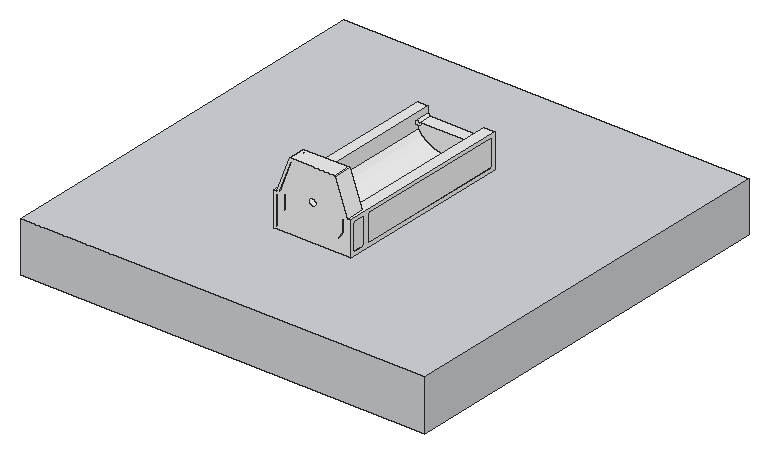
Revit family
Parameters (values of type "Vitreous_China-0-White")
  Width = 1' - 6 1/4"
  Waste Connection = yes
  WFU = 0
  Valve Pressure Drop = 0.00 psi
  URL = "http://www.us.kohler.com"
  Spud = Chrome-Kohler-CP-Polished
  Sanitary Radius = 7/8"
  Sanitary Diameter = Sanitary Radius * 2  # 1 3/4"
  Sanitary Connector = "Sanitary Connection"  # constant formula
  Rough-In = 0' - 8 1/2"
  Product Page URL = "http://www.us.kohler.com/onlinecatalog/detail.jsp?prod_num=4920-R"
  Product Documentation Link = "http://www.us.kohler.com/onlinecatalog/pdf/105108_4.pdf"
  Model = "K-4920-R"  # constant formula
  Manufacturer = "Kohler"  # constant formula
  Length = 1' - 4 1/8"
  Height = 3' - 6 1/2"
  Flush Rate = 1 GPM
  Finish = Vitreous_China-Kohler-0-White
  Description = "Branham™ urinal with rear spud"  # constant formula
  Default Elevation = 0' - 0"
  Created By = "http://www.medialab3dstudio.com/"
  Cold Water Radius = 3/4"
  Cold Water Diameter = Cold Water Radius * 2  # 1 1/2"
  Cold Water Connector = "Cold Water Connection"  # constant formula
  CWFU = 0
  CW Connection = yes
  Assembly Code = "D2010210"
  Actual Valve Water Flow = 0 GPM
  ADA Compliant = yes
Types (7): name | Finish
  (no name) | Vitreous_China-Kohler-0-White
  Vitreous_China-0-White | Vitreous_China-Kohler-0-White
  Vitreous_China-7-Black_Black | Vitreous_China-Kohler-7-Black_Black
  Vitreous_China-33-Mexican_Sand | Vitreous_China-Kohler-33-Mexican_Sand
  Vitreous_China-47-Almond | Vitreous_China-Kohler-47-Almond
  Vitreous_China-96-Biscuit | Vitreous_China-Kohler-96-Biscuit
  Vitreous_China-G9-Sandbar | Vitreous_China-Kohler-G9-Sandbar
Reference planes (in)
  plane 1 "Center (Top/Bottom)": y = 0
  plane 2 "Back": z = 0
  plane 3 "Center (Left/Right)": x = 0
  plane 4 "Left": x = -9.125
  plane 5 "Right": x = 9.125
  plane 6 "Top": y = 21.25
  plane 7 "Bottom": y = -21.25
  plane 8 "Front": z = 16.125
  plane 9 "Center (Front/Back)": z = 8.0625
  plane 10: y = 18.23417
  plane 11: y = 21.125
  plane 12: z = 4.5625
  plane 13: z = 6.5625
  plane 14: y = 18.35917
  plane 15: y = -21.125
  plane 16: y = -17.21052
  plane 17: x = -6.625
  plane 18: x = -6.09467
  plane 19: x = 6.09467
  plane 20: x = 6.625
  plane 21: z = 6.03217
  plane 22: x = -8.625
  plane 23: x = -8.40709
  plane 24: x = -7.875
  plane 25: x = -5.53245
  plane 26: x = -5.15241
  plane 27: x = -5.03495
  plane 28: x = -5.03495
  plane 29: x = 7.875
  plane 30: x = 8.40709
  plane 31: x = 5.03495
  plane 32: x = 5.15241
  plane 33: x = 5.29753
  plane 34: x = 5.53245
  plane 35: z = 15.96051
  plane 36: z = 15.625
  plane 37: z = 15.54275
  plane 38: z = 8.5
  plane 39: z = 0.125
  plane 40: x = -8.875
  plane 41: x = 8.875
  plane 42: y = 20.62401
  plane 43: y = 20.12401
  plane 44: y = -16.4011
  plane 45: y = -15.9011
  plane 46: z = 7.35961
  plane 47: z = 0.7419
  plane 48: z = 6.85961
  plane 49: z = 1.2419
  plane 50: y = -17.42753
  plane 51: y = -20.62221
  plane 52: z = 1.2419
  plane 53: z = 0.7419
  plane 54: z = 7.35961
  plane 55: z = 6.85961
  plane 56: y = -17.92753
  plane 57: y = -20.12221
  plane 58: y = 20.62401
  plane 59: y = 20.12401
  plane 60: y = -16.4011
  plane 61: y = -15.9011
  plane 62: z = 7.35961
  plane 63: z = 0.7419
  plane 64: z = 6.85961
  plane 65: z = 1.2419
  plane 66: y = -17.42753
  plane 67: y = -20.62221
  plane 68: z = 1.2419
  plane 69: z = 0.7419
  plane 70: z = 7.35961
  plane 71: z = 6.85961
  plane 72: y = -17.92753
  plane 73: y = -20.12221
  plane 74: y = 17.43423
  plane 75: y = 18.18736
  plane 76: x = 5.53245
  plane 77: x = -5.29753
  plane 78: y = 19.5
  plane 79: z = -0.125
  plane 80: z = -0.3125
  plane 81: z = -0.625
  plane 82: x = -1
  plane 83: x = 1
  plane 84: x = -0.5
  plane 85: x = 0.5
  plane 86: y = 20.5
  plane 87: y = 18.5
  plane 88: y = 19
  plane 89: y = 20
  plane 90: y = 18.25
  plane 91: y = 18.5
  plane 92: y = 18.75
  plane 93: y = 20.25
  plane 94: y = 20.5
  plane 95: y = 20.75
  plane 96: y = 18.5
  plane 97: y = 18.75
  plane 98: y = 20.25
  plane 99: y = 20.5
Forms (in)
  Extrusion 1, solid
    sketch origin (0, 0, 0) x (1, 0, 0) y (0, 1, 0)
      loop
        line (-48, 48) -> (-48, -48) -> (48, -48) -> (48, 48) -> (-48, 48)
    from 0 to -12
  Sweep 2, solid, material "Vitreous_China-Kohler-0-White" <- "Finish"
    path origin (0, 0, 0) x (1, 0, 0) y (0, 0, 1)
      loop
        line (-9.125, 0) -> (9.125, 0) -> (9.125, 8.0625) -> (6.625, 8.0625) -> (6.625, 6.5625) -> (6.09467, 6.03217) -> (-6.09467, 6.03217) -> (-6.625, 6.5625) -> (-6.625, 8.0625) -> (-9.125, 8.0625) -> (-9.125, 0)
    profile origin (-9.125, 0, 4.03125) x (-1, 0, 0) y (0, -1, 0)
      loop
        line (0, -21.25) -> (0, 21.25) -> (-0.5, 21.25) -> (-0.5, -21.25) -> (0, -21.25)
  Extrusion 3, solid, material "Vitreous_China-Kohler-0-White" <- "Finish"
    sketch origin (0, 0, 0) x (1, 0, 0) y (0, 0, 1)
      loop
        line (6.625, 6.5625) -> (6.625, 4.5625)
        arc (6.625, 4.5625) -> (0, 1.18664) -> (-6.625, 4.5625) r 8.18859
        line (-6.625, 4.5625) -> (-6.625, 6.5625) -> (-7.125, 6.5625) -> (-7.125, 4.40271)
        arc (-7.125, 4.40271) -> (0, 0.68664) -> (7.125, 4.40271) r 8.68859
        line (7.125, 4.40271) -> (7.125, 6.5625) -> (6.625, 6.5625)
    from -18.23417 to 21.25
  Extrusion 4, solid, material "Vitreous_China-Kohler-0-White" <- "Finish"
    sketch origin (0, 0, 0) x (1, 0, 0) y (0, 0, 1)
      loop
        line (7.125, 6.35539) -> (6.30178, 5.53217) -> (-6.30178, 5.53217) -> (-7.125, 6.35539) -> (-7.125, 7.5625) -> (-8.625, 7.5625) -> (-8.625, 0.5) -> (8.625, 0.5) -> (8.625, 7.5625) -> (7.125, 7.5625) -> (7.125, 6.35539)
    from -21.25 to -21.125
  Extrusion 5, void
    sketch origin (0, 0, 0) x (1, 0, 0) y (0, 1, 0)
      loop
        line (5.78144, 18.23417) -> (-5.82506, 18.23417)
        arc (-5.82506, 18.23417) -> (-6.3907, 17.99987) -> (-6.625, 17.43423) r 0.79994
        line (-6.625, 17.43423) -> (-6.625, -21.25) -> (6.625, -21.25) -> (6.625, 17.39061)
        arc (6.625, 17.39061) -> (6.37793, 17.98709) -> (5.78144, 18.23417) r 0.84356
    from 4.5625 to 6.5625
  Extrusion 6, solid, material "Vitreous_China-Kohler-0-White" <- "Finish"
    sketch origin (0, 0, 0) x (1, 0, 0) y (0, 0, 1)
      loop
        line (6.625, 4.5625) -> (6.625, 5.85539) -> (6.30178, 5.53217) -> (-6.30178, 5.53217) -> (-6.625, 5.85539) -> (-6.625, 4.5625)
        arc (-6.625, 4.5625) -> (0, 1.18664) -> (6.625, 4.5625) r 8.18859
    from -18.35917 to -18.23417
  Extrusion 7, solid, material "Vitreous_China-Kohler-0-White" <- "Finish"
    sketch origin (0, 0, 0) x (1, 0, 0) y (0, 0, 1)
      loop
        line (-8.625, 0.5) -> (8.625, 0.5) -> (8.625, 7.5625) -> (7.125, 7.5625) -> (7.125, 4.40271)
        arc (7.125, 4.40271) -> (0, 0.68664) -> (-7.125, 4.40271) r 8.68859
        line (-7.125, 4.40271) -> (-7.125, 7.5625) -> (-8.625, 7.5625) -> (-8.625, 0.5)
    from 21.125 to 21.25
  Extrusion 8, solid, material "Vitreous_China-Kohler-0-White" <- "Finish"
    sketch origin (0, 0, 0) x (1, 0, 0) y (0, 0, 1)
      loop
        line (7.875, 8.0625) -> (8.40709, 8.0625) -> (5.53245, 15.96051)
        arc (5.53245, 15.96051) -> (5.44092, 16.07979) -> (5.29753, 16.125) r 0.25
        line (5.29753, 16.125) -> (-5.29753, 16.125)
        arc (-5.29753, 16.125) -> (-5.44092, 16.07979) -> (-5.53245, 15.96051) r 0.25
        line (-5.53245, 15.96051) -> (-8.40709, 8.0625) -> (-7.875, 8.0625) -> (-5.15241, 15.54275)
        arc (-5.15241, 15.54275) -> (-5.10665, 15.60239) -> (-5.03495, 15.625) r 0.125
        line (-5.03495, 15.625) -> (5.03495, 15.625)
        arc (5.03495, 15.625) -> (5.10665, 15.60239) -> (5.15241, 15.54275) r 0.125
        line (5.15241, 15.54275) -> (7.875, 8.0625)
    from 17.21052 to 21.25
  Extrusion 9, solid, material "Vitreous_China-Kohler-0-White" <- "Finish"
    sketch origin (0, 0, 0) x (1, 0, 0) y (0, 0, 1)
      loop
        line (-7.875, 8.0625) -> (-6.625, 8.0625) -> (-6.625, 4.5625)
        arc (-6.625, 4.5625) -> (0, 1.18664) -> (6.625, 4.5625) r 8.18859
        line (6.625, 4.5625) -> (6.625, 8.0625) -> (7.875, 8.0625) -> (5.15241, 15.54275)
        arc (5.15241, 15.54275) -> (5.10665, 15.60239) -> (5.03495, 15.625) r 0.125
        line (5.03495, 15.625) -> (-5.03495, 15.625)
        arc (-5.03495, 15.625) -> (-5.10665, 15.60239) -> (-5.15241, 15.54275) r 0.125
        line (-5.15241, 15.54275) -> (-7.875, 8.0625)
    from 21.125 to 21.25
  Blend 10, void
    base sketch origin (0, 0, 0) x (1, 0, 0) y (0, 0, 1)
      loop
        arc (-1.25, 8.5) -> (-0.88388, 7.61612) -> (0, 7.25) r 1.25
        arc (0, 7.25) -> (0.88388, 7.61612) -> (1.25, 8.5) r 1.25
        arc (1.25, 8.5) -> (0.88388, 9.38388) -> (0, 9.75) r 1.25
        arc (0, 9.75) -> (-0.88388, 9.38388) -> (-1.25, 8.5) r 1.25
    top sketch origin (0, 0, 0) x (1, 0, 0) y (0, 0, 1)
      loop
        arc (-0.87668, 8.5) -> (-0.61991, 7.88009) -> (0, 7.62332) r 0.87668
        arc (0, 7.62332) -> (0.61991, 7.88009) -> (0.87668, 8.5) r 0.87668
        arc (0.87668, 8.5) -> (0.61991, 9.11991) -> (0, 9.37668) r 0.87668
        arc (0, 9.37668) -> (-0.61991, 9.11991) -> (-0.87668, 8.5) r 0.87668
    from 21.125 to 21.25
  Extrusion 11, void
    sketch origin (0, 0, 0) x (0, 1, 0) y (0, 0, 1)
      loop
        arc (20.62401, 6.85961) -> (20.47756, 7.21316) -> (20.12401, 7.35961) r 0.5
        line (20.12401, 7.35961) -> (-15.9011, 7.35961)
        arc (-15.9011, 7.35961) -> (-16.25465, 7.21316) -> (-16.4011, 6.85961) r 0.5
        line (-16.4011, 6.85961) -> (-16.4011, 1.2419)
        arc (-16.4011, 1.2419) -> (-16.25465, 0.88835) -> (-15.9011, 0.7419) r 0.5
        line (-15.9011, 0.7419) -> (20.12401, 0.7419)
        arc (20.12401, 0.7419) -> (20.47756, 0.88835) -> (20.62401, 1.2419) r 0.5
        line (20.62401, 1.2419) -> (20.62401, 6.85961)
    from -9.125 to -8.875
  Extrusion 12, void
    sketch origin (0, 0, 0) x (0, 1, 0) y (0, 0, 1)
      loop
        arc (-17.42753, 6.85961) -> (-17.57397, 7.21316) -> (-17.92753, 7.35961) r 0.5
        line (-17.92753, 7.35961) -> (-20.12221, 7.35961)
        arc (-20.12221, 7.35961) -> (-20.47576, 7.21316) -> (-20.62221, 6.85961) r 0.5
        line (-20.62221, 6.85961) -> (-20.62221, 1.2419)
        arc (-20.62221, 1.2419) -> (-20.47576, 0.88835) -> (-20.12221, 0.7419) r 0.5
        line (-20.12221, 0.7419) -> (-17.92753, 0.7419)
        arc (-17.92753, 0.7419) -> (-17.57397, 0.88835) -> (-17.42753, 1.2419) r 0.5
        line (-17.42753, 1.2419) -> (-17.42753, 6.85961)
    from -9.125 to -8.875
  Extrusion 13, void
    sketch origin (0, 0, 0) x (0, 1, 0) y (0, 0, 1)
      loop
        arc (20.62401, 6.85961) -> (20.47756, 7.21316) -> (20.12401, 7.35961) r 0.5
        line (20.12401, 7.35961) -> (-15.9011, 7.35961)
        arc (-15.9011, 7.35961) -> (-16.25465, 7.21316) -> (-16.4011, 6.85961) r 0.5
        line (-16.4011, 6.85961) -> (-16.4011, 1.2419)
        arc (-16.4011, 1.2419) -> (-16.25465, 0.88835) -> (-15.9011, 0.7419) r 0.5
        line (-15.9011, 0.7419) -> (20.12401, 0.7419)
        arc (20.12401, 0.7419) -> (20.47756, 0.88835) -> (20.62401, 1.2419) r 0.5
        line (20.62401, 1.2419) -> (20.62401, 6.85961)
    from 8.875 to 9.125
  Extrusion 14, void
    sketch origin (0, 0, 0) x (0, 1, 0) y (0, 0, 1)
      loop
        arc (-17.42753, 6.85961) -> (-17.57397, 7.21316) -> (-17.92753, 7.35961) r 0.5
        line (-17.92753, 7.35961) -> (-20.12221, 7.35961)
        arc (-20.12221, 7.35961) -> (-20.47576, 7.21316) -> (-20.62221, 6.85961) r 0.5
        line (-20.62221, 6.85961) -> (-20.62221, 1.2419)
        arc (-20.62221, 1.2419) -> (-20.47576, 0.88835) -> (-20.12221, 0.7419) r 0.5
        line (-20.12221, 0.7419) -> (-17.92753, 0.7419)
        arc (-17.92753, 0.7419) -> (-17.57397, 0.88835) -> (-17.42753, 1.2419) r 0.5
        line (-17.42753, 1.2419) -> (-17.42753, 6.85961)
    from 8.875 to 9.125
  Extrusion 15, solid, material "Chrome-Kohler-CP-Polished" <- "Spud"
    sketch origin (0, 0, 0) x (1, 0, 0) y (0, 1, 0)
      loop
        arc (-0.75, 19.5) -> (-0.53033, 18.96967) -> (0, 18.75) r 0.75
        arc (0, 18.75) -> (0.53033, 18.96967) -> (0.75, 19.5) r 0.75
        arc (0.75, 19.5) -> (0.53033, 20.03033) -> (0, 20.25) r 0.75
        arc (0, 20.25) -> (-0.53033, 20.03033) -> (-0.75, 19.5) r 0.75
    from -0.625 to 0
  Extrusion 16, solid, material "Chrome-Kohler-CP-Polished" <- "Spud"
    sketch origin (0, 0, 0) x (1, 0, 0) y (0, 1, 0)
      loop
        line (-1, 20) -> (-1, 19) -> (-0.5, 18.5) -> (0.5, 18.5) -> (1, 19) -> (1, 20) -> (0.5, 20.5) -> (-0.5, 20.5) -> (-1, 20)
    from -0.3125 to -0.125
  Extrusion 17, solid, material "Chrome-Kohler-CP-Polished" <- "Spud"
    sketch origin (0, 0, 0) x (1, 0, 0) y (0, 1, 0)
      loop
        arc (-1.25, 19.5) -> (-0.88388, 18.61612) -> (0, 18.25) r 1.25
        arc (0, 18.25) -> (0.88388, 18.61612) -> (1.25, 19.5) r 1.25
        arc (1.25, 19.5) -> (0.88388, 20.38388) -> (0, 20.75) r 1.25
        arc (0, 20.75) -> (-0.88388, 20.38388) -> (-1.25, 19.5) r 1.25
    from -0.125 to 0
Cuts and joins
  Extrusion 5, Blend 10, Extrusion 11, Extrusion 12, Extrusion 13, Extrusion 14 cuts Sweep 2
  Blend 10, Extrusion 13, Extrusion 14 cuts Extrusion 3
  Blend 10, Extrusion 13, Extrusion 14 cuts Extrusion 4
  Blend 10, Extrusion 13, Extrusion 14 cuts Extrusion 7
  Blend 10, Extrusion 13, Extrusion 14 cuts Extrusion 8
  Blend 10, Extrusion 13, Extrusion 14 cuts Extrusion 9
  joined: Sweep 2, Extrusion 3, Extrusion 4, Extrusion 6, Extrusion 7, Extrusion 8, Extrusion 9
Lines and regions (in)
  Masking region 1, detail levels coarse
    outline origin (0, 0, 0) x (0, 1, 0) y (0, 0, 1)
      loop
        line (21.25, 16.125) -> (-21.25, 16.125) -> (-21.25, 0) -> (21.25, 0) -> (21.25, 16.125)
  Masking region 2, detail levels fine
    outline origin (0, 0, 0) x (0, 1, 0) y (0, 0, 1)
      loop
        line (20.62401, 1.2419) -> (20.62401, 6.85961)
        arc (20.62401, 6.85961) -> (20.47756, 7.21316) -> (20.12401, 7.35961) r 0.5
        line (20.12401, 7.35961) -> (-15.9011, 7.35961)
        arc (-15.9011, 7.35961) -> (-16.25465, 7.21316) -> (-16.4011, 6.85961) r 0.5
        line (-16.4011, 6.85961) -> (-16.4011, 1.2419)
        arc (-16.4011, 1.2419) -> (-16.25465, 0.88835) -> (-15.9011, 0.7419) r 0.5
        line (-15.9011, 0.7419) -> (20.12401, 0.7419)
        arc (20.12401, 0.7419) -> (20.47756, 0.88835) -> (20.62401, 1.2419) r 0.5
      loop
        line (-17.42753, 1.2419) -> (-17.42753, 6.85961)
        arc (-17.42753, 6.85961) -> (-17.57397, 7.21316) -> (-17.92753, 7.35961) r 0.5
        line (-17.92753, 7.35961) -> (-20.12221, 7.35961)
        arc (-20.12221, 7.35961) -> (-20.47576, 7.21316) -> (-20.62221, 6.85961) r 0.5
        line (-20.62221, 6.85961) -> (-20.62221, 1.2419)
        arc (-20.62221, 1.2419) -> (-20.47576, 0.88835) -> (-20.12221, 0.7419) r 0.5
        line (-20.12221, 0.7419) -> (-17.92753, 0.7419)
        arc (-17.92753, 0.7419) -> (-17.57397, 0.88835) -> (-17.42753, 1.2419) r 0.5
  Masking region 3, detail levels medium+fine
    outline origin (0, 0, 0) x (0, 1, 0) y (0, 0, 1)
      loop
        line (21.25, 8.0625) -> (-17.21052, 8.0625) -> (-17.21052, 16.125) -> (-21.25, 16.125) -> (-21.25, 0) -> (21.25, 0) -> (21.25, 8.0625)
  Masking region 4
    outline origin (0, 0, 8.0625) x (0, -1, 0) y (1, 0, 0)
      loop
        line (-21.25, -9.125) -> (21.25, -9.125) -> (21.25, 9.125) -> (-21.25, 9.125) -> (-21.25, -9.125)
  Masking region 5, detail levels medium+fine
    outline origin (0, 0, 16.125) x (0, -1, 0) y (1, 0, 0)
      loop
        arc (-18.23417, -5.82506) -> (-17.99987, -6.3907) -> (-17.43423, -6.625) r 0.79994
        line (-17.43423, -6.625) -> (17.21052, -6.625) -> (17.21052, 6.625) -> (-17.39061, 6.625)
        arc (-17.39061, 6.625) -> (-17.98709, 6.37793) -> (-18.23417, 5.78144) r 0.84356
        line (-18.23417, 5.78144) -> (-18.23417, -5.82506)
  Masking region 6, detail levels medium+fine
    outline origin (0, 0, 16.125) x (0, -1, 0) y (1, 0, 0)
      loop
        line (21.25, -8.40709) -> (21.25, 8.40709) -> (17.21052, 8.40709) -> (17.21052, -8.40709) -> (21.25, -8.40709)
  Masking region 7, detail levels coarse
    outline origin (0, 0, 0) x (1, 0, 0) y (0, 0, 1)
      loop
        line (9.125, 16.125) -> (-9.125, 16.125) -> (-9.125, 0) -> (9.125, 0) -> (9.125, 16.125)
  Masking region 8, detail levels medium+fine
    outline origin (0, 0, 0) x (1, 0, 0) y (0, 0, 1)
      loop
        line (8.40709, 8.0625) -> (5.53245, 15.96051)
        arc (5.53245, 15.96051) -> (5.44092, 16.07979) -> (5.29753, 16.125) r 0.25
        line (5.29753, 16.125) -> (-5.29753, 16.125)
        arc (-5.29753, 16.125) -> (-5.44092, 16.07979) -> (-5.53245, 15.96051) r 0.25
        line (-5.53245, 15.96051) -> (-8.40709, 8.0625) -> (-9.125, 8.0625) -> (-9.125, 0) -> (-1.25, 0) -> (-1.25, -0.125) -> (-1, -0.125) -> (-1, -0.3125) -> (-0.75, -0.3125) -> (-0.75, -0.625) -> (0.75, -0.625) -> (0.75, -0.3125) -> (1, -0.3125) -> (1, -0.125) -> (1.25, -0.125) -> (1.25, 0) -> (9.125, 0) -> (9.125, 8.0625) -> (8.40709, 8.0625)
  Masking region 9, detail levels fine
    outline origin (0, 21.25, 0) x (1, 0, 0) y (0, 0, 1)
      loop
        arc (1.25, 8.5) -> (0.88388, 9.38388) -> (0, 9.75) r 1.25
        arc (0, 9.75) -> (-0.88388, 9.38388) -> (-1.25, 8.5) r 1.25
        arc (-1.25, 8.5) -> (-0.88388, 7.61612) -> (0, 7.25) r 1.25
        arc (0, 7.25) -> (0.88388, 7.61612) -> (1.25, 8.5) r 1.25
  Masking region 10, detail levels fine
    outline origin (0, 21.25, 0) x (1, 0, 0) y (0, 0, 1)
      loop
        line (9.125, 0) -> (9.125, 8.0625) -> (6.625, 8.0625) -> (6.625, 6.5625) -> (6.09467, 6.03217) -> (-6.09467, 6.03217) -> (-6.625, 6.5625) -> (-6.625, 8.0625) -> (-9.125, 8.0625) -> (-9.125, 0) -> (9.125, 0)
  Masking region 11, detail levels fine
    outline origin (0, 0, 0) x (1, 0, 0) y (0, 0, 1)
      loop
        arc (0, 9.37668) -> (-0.61991, 9.11991) -> (-0.87668, 8.5) r 0.87668
        arc (-0.87668, 8.5) -> (-0.61991, 7.88009) -> (0, 7.62332) r 0.87668
        arc (0, 7.62332) -> (0.61991, 7.88009) -> (0.87668, 8.5) r 0.87668
        arc (0.87668, 8.5) -> (0.61991, 9.11991) -> (0, 9.37668) r 0.87668
  Masking region 12, detail levels fine
    outline origin (0, 0, 0) x (1, 0, 0) y (0, 1, 0)
      loop
        arc (0, 20.25) -> (-0.53033, 20.03033) -> (-0.75, 19.5) r 0.75
        arc (-0.75, 19.5) -> (-0.53033, 18.96967) -> (0, 18.75) r 0.75
        arc (0, 18.75) -> (0.53033, 18.96967) -> (0.75, 19.5) r 0.75
        arc (0.75, 19.5) -> (0.53033, 20.03033) -> (0, 20.25) r 0.75
  Masking region 13, detail levels fine
    outline origin (0, 0, 0) x (1, 0, 0) y (0, 1, 0)
      loop
        line (-1, 20) -> (-1, 19) -> (-0.5, 18.5) -> (0.5, 18.5) -> (1, 19) -> (1, 20) -> (0.5, 20.5) -> (-0.5, 20.5) -> (-1, 20)
      loop
        arc (-0.75, 19.5) -> (-0.53033, 18.96967) -> (0, 18.75) r 0.75
        arc (0, 18.75) -> (0.53033, 18.96967) -> (0.75, 19.5) r 0.75
        arc (0.75, 19.5) -> (0.53033, 20.03033) -> (0, 20.25) r 0.75
        arc (0, 20.25) -> (-0.53033, 20.03033) -> (-0.75, 19.5) r 0.75
  Masking region 14, detail levels medium+fine
    outline origin (0, 0, 0) x (1, 0, 0) y (0, 1, 0)
      loop
        arc (0, 20.75) -> (-0.88388, 20.38388) -> (-1.25, 19.5) r 1.25
        arc (-1.25, 19.5) -> (-0.88388, 18.61612) -> (0, 18.25) r 1.25
        arc (0, 18.25) -> (0.88388, 18.61612) -> (1.25, 19.5) r 1.25
        arc (1.25, 19.5) -> (0.88388, 20.38388) -> (0, 20.75) r 1.25
  Masking region 15, detail levels fine
    outline origin (0, 0, 0) x (0, 1, 0) y (0, 0, 1)
      loop
        line (18.25, 0) -> (18.25, -0.125) -> (18.5, -0.125) -> (18.5, -0.3125) -> (18.75, -0.3125) -> (18.75, -0.625) -> (20.25, -0.625) -> (20.25, -0.3125) -> (20.5, -0.3125) -> (20.5, -0.125) -> (20.75, -0.125) -> (20.75, 0) -> (18.25, 0)
  symbolic lines, style "Masking Lines", detail levels fine
    curve 1: line (0, -21.25, 8.0625) -> (0, -17.21052, 8.0625)
    curve 2: line (-6.09467, 18.18736, 16.125) -> (-6.09467, 21.25, 16.125)
    curve 3: line (-6.625, 17.43423, 16.125) -> (-6.625, 21.25, 16.125)
    curve 4: line (6.09467, 18.18736, 16.125) -> (6.09467, 21.25, 16.125)
    curve 5: line (6.625, 17.43423, 16.125) -> (6.625, 21.25, 16.125)
    curve 6: line (-5.53245, -17.21052, 16.125) -> (-5.53245, -21.25, 16.125)
    curve 7: line (5.53245, -17.21052, 16.125) -> (5.53245, -21.25, 16.125)
    curve 8: line (5.15241, 21.25, 15.54275) -> (7.875, 21.25, 8.0625)
    curve 9: arc (5.03495, 21.25, 15.625) -> (5.10665, 21.25, 15.60239) -> (5.15241, 21.25, 15.54275) r 0.125
    curve 10: line (-5.03495, 21.25, 15.625) -> (5.03495, 21.25, 15.625)
    curve 11: arc (-5.15241, 21.25, 15.54275) -> (-5.10665, 21.25, 15.60239) -> (-5.03495, 21.25, 15.625) r 0.125
    curve 12: line (-7.875, 21.25, 8.0625) -> (-5.15241, 21.25, 15.54275)
    curve 13: line (0, 19, -0.3125) -> (0, 19, -0.125)
    curve 14: line (0, 20, -0.3125) -> (0, 20, -0.125)
    curve 15: line (0, 20.5, -0.125) -> (0, 18.5, -0.125)
    curve 16: line (0, 20.25, -0.3125) -> (0, 18.75, -0.3125)
    curve 17: line (1, 0, -0.125) -> (-1, 0, -0.125)
    curve 18: line (0.75, 0, -0.3125) -> (-0.75, 0, -0.3125)
    curve 19: line (0.5, 0, -0.125) -> (0.5, 0, -0.3125)
    curve 20: line (-0.5, 0, -0.125) -> (-0.5, 0, -0.3125)
Dimensions and locks (in)
  equal spacing: plane 4 "Left", plane 3 "Center (Left/Right)", plane 5 "Right"
  "Width": plane 4 "Left" to plane 5 "Right"
  equal spacing: plane 7 "Bottom", plane 1 "Center (Top/Bottom)", plane 6 "Top"
  "Height": plane 7 "Bottom" to plane 6 "Top"
  "Length": plane 8 "Front" to plane 2 "Back"
  equal spacing: plane 8 "Front", plane 9 "Center (Front/Back)", plane 2 "Back"
  locked: plane 10 to plane 6 "Top" at 3.01583
  locked: plane 11 to plane 6 "Top" at 0.125
  plane 13 to plane 12 to plane 2 "Back" = 0' - 2" locked, 0' - 4 9/16" locked
  locked: plane 10 to plane 14 at 0.125
  locked: plane 7 "Bottom" to plane 15 at 0.125
  locked: plane 7 "Bottom" to plane 16 at 4.03948
  plane 20 to plane 19 to plane 18 to plane 17 to plane 4 "Left" = 0' - 0.53033" locked, 1' - 0.18934" locked, 0' - 0.53033" locked, 0' - 2 1/2" locked
  locked: plane 21 to plane 2 "Back" at 6.03217
  locked: plane 4 "Left" to plane 22 at 0.5
  plane 8 "Front" to plane 35 to plane 36 to plane 37 = 0' - 0.16449" locked, 0' - 0.33551" locked, 0' - 0.08225" locked
  plane 5 "Right" to plane 30 to plane 29 to plane 34 to plane 33 to plane 32 to plane 31 = 0' - 0.71791" locked, 0' - 0.53209" locked, 0' - 2.34255" locked, 0' - 0.23492" locked, 0' - 0.14512" locked, 0' - 0.11746" locked
  "Rough-In": plane 38 to plane 2 "Back"
  locked: plane 2 "Back" to plane 39 at 0.125
  locked: plane 4 "Left" to plane 40 at 0.25
  locked: plane 41 to plane 5 "Right" at 0.25
  plane 2 "Back" to plane 47 to plane 49 to plane 48 to plane 46 = 0' - 0.7419" locked, 0' - 0 1/2" locked, 0' - 5.6177" locked, 0' - 0 1/2" locked
  plane 6 "Top" to plane 42 to plane 43 to plane 45 to plane 44 = 0' - 0.62599" locked, 0' - 0 1/2" locked, 3' - 0.02511" locked, 0' - 0 1/2" locked
  plane 50 to plane 56 to plane 57 to plane 51 to plane 7 "Bottom" = 0' - 0 1/2" locked, 0' - 2.19468" locked, 0' - 0 1/2" locked, 0' - 0.62779" locked
  plane 54 to plane 55 to plane 52 to plane 53 to plane 2 "Back" = 0' - 0 1/2" locked, 0' - 5.6177" locked, 0' - 0 1/2" locked, 0' - 0.7419" locked
  plane 7 "Bottom" to plane 60 to plane 61 to plane 59 to plane 58 = 0' - 4.8489" locked, 0' - 0 1/2" locked, 3' - 0.02511" locked, 0' - 0 1/2" locked
  plane 2 "Back" to plane 63 to plane 65 to plane 64 to plane 62 = 0' - 0.7419" locked, 0' - 0 1/2" locked, 0' - 5.6177" locked, 0' - 0 1/2" locked
  plane 7 "Bottom" to plane 67 to plane 73 to plane 72 to plane 66 = 0' - 0.62779" locked, 0' - 0 1/2" locked, 0' - 2.19468" locked, 0' - 0 1/2" locked
  plane 70 to plane 71 to plane 68 to plane 69 to plane 2 "Back" = 0' - 0 1/2" locked, 0' - 5.6177" locked, 0' - 0 1/2" locked, 0' - 0.7419" locked
  plane 74 to plane 75 to plane 6 "Top" = 0' - 0.75313" locked, 0' - 3.06264" locked
  locked: plane 76 to plane 5 "Right" at 3.59255
  plane 28 to plane 26 to plane 77 to plane 25 to plane 24 to plane 23 to plane 4 "Left" = 0' - 0.11746" locked, 0' - 0.14512" locked, 0' - 0.23492" locked, 0' - 2.34255" locked, 0' - 0.53209" locked, 0' - 0.71791" locked
  plane 2 "Back" to plane 79 to plane 80 to plane 81 = 0' - 0 1/8" locked, 0' - 0 3/16" locked, 0' - 0 5/16" locked
  plane 82 to plane 84 to plane 3 "Center (Left/Right)" to plane 85 to plane 83 = 0' - 0 1/2" locked, 0' - 0 1/2" locked, 0' - 0 1/2" locked, 0' - 0 1/2" locked
  plane 87 to plane 88 to plane 89 to plane 86 to plane 6 "Top" = 0' - 0 1/2" locked, 0' - 1" locked, 0' - 0 1/2" locked, 0' - 0 3/4" locked
  plane 90 to plane 91 to plane 92 to plane 78 to plane 93 to plane 94 to plane 95 = 0' - 0 1/4" locked, 0' - 0 1/4" locked, 0' - 0 3/4" locked, 0' - 0 3/4" locked, 0' - 0 1/4" locked, 0' - 0 1/4" locked
  plane 96 to plane 97 to plane 78 to plane 98 to plane 99 = 0' - 0 1/4" locked, 0' - 0 3/4" locked, 0' - 0 3/4" locked, 0' - 0 1/4" locked
  aligned and locked: plane 2 "Back" to Extrusion 1
  aligned and locked: level to Extrusion 1
  aligned and locked: Extrusion 3 to plane 10
  aligned and locked: plane 7 "Bottom" to Extrusion 3
  aligned and locked: Extrusion 3 to Extrusion 4 sketch curve
  aligned and locked: Extrusion 4 sketch curve to Sweep 2  (x8)
  aligned and locked: Extrusion 4 sketch curve to Extrusion 3
  aligned and locked: Extrusion 4 to plane 6 "Top"
  aligned and locked: plane 11 to Extrusion 4
  aligned and locked: plane 13 to Extrusion 5
  aligned and locked: plane 12 to Extrusion 5
  aligned and locked: Extrusion 6 sketch curve to Extrusion 3
  aligned and locked: Extrusion 6 sketch curve to cut or joined group 1 (Sweep 2, Extrusion 3, Extrusion 4, Extrusion 5, Extrusion 6, Extrusion 7, Extrusion 8, Extrusion 9, Blend 10, Extrusion 11, Extrusion 12, Extrusion 13, Extrusion 14)  (x2)
  aligned and locked: Extrusion 3 to Extrusion 6 sketch curve
  aligned and locked: plane 10 to Extrusion 6
  aligned and locked: Extrusion 6 to plane 14
  aligned and locked: Extrusion 7 sketch curve to cut or joined group 1  (x7)
  aligned and locked: plane 7 "Bottom" to Extrusion 7
  aligned and locked: Extrusion 7 to plane 15
  aligned and locked: Extrusion 7 sketch curve to Extrusion 3
  aligned and locked: plane 7 "Bottom" to Extrusion 8
  aligned and locked: Extrusion 8 to plane 16
  aligned and locked: Extrusion 9 sketch curve to Extrusion 8  (x2)
  aligned and locked: Extrusion 9 sketch curve to cut or joined group 1  (x3)
  aligned and locked: Extrusion 9 sketch curve to Extrusion 6
  aligned and locked: cut or joined group 1 to Extrusion 9 sketch curve
  aligned and locked: plane 7 "Bottom" to Extrusion 9
  aligned and locked: Extrusion 9 to plane 15
  aligned and locked: plane 4 "Left" to Sweep 2 sketch curve
  aligned and locked: plane 9 "Center (Front/Back)" to Sweep 2 sketch curve  (x2)
  aligned and locked: Sweep 2 sketch curve to plane 2 "Back"
  aligned and locked: Sweep 2 sketch curve to plane 5 "Right"
  aligned and locked: plane 13 to Sweep 2 sketch curve  (x2)
  aligned and locked: Sweep 2 sketch curve to plane 17
  aligned and locked: plane 20 to Sweep 2 sketch curve
  aligned and locked: plane 18 to Sweep 2 sketch curve
  aligned and locked: plane 19 to Sweep 2 sketch curve
  aligned and locked: plane 21 to Sweep 2 sketch curve  (x2)
  aligned and locked: plane 6 "Top" to Sweep 2 sketch curve
  aligned and locked: Sweep 2 sketch curve to plane 4 "Left"
  aligned and locked: plane 7 "Bottom" to Sweep 2 sketch curve
  aligned and locked: Sweep 2 sketch curve to plane 22
  aligned and locked: plane 24 to Extrusion 8 sketch curve
  aligned and locked: plane 26 to Extrusion 8 sketch curve
  aligned and locked: plane 28 to Extrusion 8 sketch curve
  aligned and locked: plane 31 to Extrusion 8 sketch curve
  aligned and locked: plane 32 to Extrusion 8 sketch curve
  aligned and locked: plane 33 to Extrusion 8 sketch curve
  aligned and locked: plane 34 to Extrusion 8 sketch curve
  aligned and locked: plane 30 to Extrusion 8 sketch curve
  aligned and locked: plane 9 "Center (Front/Back)" to Extrusion 8 sketch curve  (x4)
  aligned and locked: Extrusion 8 sketch curve to plane 8 "Front"
  aligned and locked: plane 36 to Extrusion 8 sketch curve  (x2)
  aligned and locked: plane 37 to Extrusion 8 sketch curve  (x2)
  aligned and locked: plane 29 to Extrusion 8 sketch curve
  aligned and locked: plane 23 to Extrusion 8 sketch curve
  aligned and locked: plane 3 "Center (Left/Right)" to Blend 10 sketch curve  (x4)
  aligned and locked: plane 38 to Blend 10 sketch curve  (x4)
  aligned and locked: plane 7 "Bottom" to Blend 10
  aligned and locked: Blend 10 to plane 15
  aligned and locked: Extrusion 11 to plane 4 "Left"
  aligned and locked: plane 40 to Extrusion 11
  aligned and locked: plane 46 to Extrusion 11 sketch curve
  aligned and locked: Extrusion 11 sketch curve to plane 46
  aligned and locked: plane 49 to Extrusion 11 sketch curve  (x2)
  aligned and locked: plane 47 to Extrusion 11 sketch curve  (x2)
  aligned and locked: plane 45 to Extrusion 11 sketch curve  (x2)
  aligned and locked: Extrusion 11 sketch curve to plane 44
  aligned and locked: plane 44 to Extrusion 11 sketch curve
  aligned and locked: plane 42 to Extrusion 11 sketch curve
  aligned and locked: Extrusion 11 sketch curve to plane 42
  aligned and locked: plane 43 to Extrusion 11 sketch curve  (x2)
  aligned and locked: plane 48 to Extrusion 11 sketch curve
  aligned and locked: Extrusion 12 sketch curve to plane 50
  aligned and locked: plane 50 to Extrusion 12 sketch curve
  aligned and locked: plane 56 to Extrusion 12 sketch curve  (x2)
  aligned and locked: plane 57 to Extrusion 12 sketch curve  (x2)
  aligned and locked: Extrusion 12 sketch curve to plane 51
  aligned and locked: plane 51 to Extrusion 12 sketch curve
  aligned and locked: Extrusion 12 sketch curve to plane 53
  aligned and locked: plane 53 to Extrusion 12 sketch curve
  aligned and locked: plane 52 to Extrusion 12 sketch curve  (x2)
  aligned and locked: plane 55 to Extrusion 12 sketch curve  (x2)
  aligned and locked: plane 54 to Extrusion 12 sketch curve
  aligned and locked: Extrusion 12 sketch curve to plane 54
  aligned and locked: Extrusion 12 to plane 4 "Left"
  aligned and locked: plane 40 to Extrusion 12
  aligned and locked: plane 62 to Extrusion 13 sketch curve
  aligned and locked: Extrusion 13 sketch curve to plane 62
  aligned and locked: plane 65 to Extrusion 13 sketch curve  (x2)
  aligned and locked: plane 63 to Extrusion 13 sketch curve  (x2)
  aligned and locked: plane 61 to Extrusion 13 sketch curve  (x2)
  aligned and locked: Extrusion 13 sketch curve to plane 60
  aligned and locked: plane 60 to Extrusion 13 sketch curve
  aligned and locked: plane 58 to Extrusion 13 sketch curve
  aligned and locked: Extrusion 13 sketch curve to plane 58
  aligned and locked: plane 59 to Extrusion 13 sketch curve  (x2)
  aligned and locked: plane 64 to Extrusion 13 sketch curve
  aligned and locked: Extrusion 13 to plane 41
  aligned and locked: plane 5 "Right" to Extrusion 13
  aligned and locked: Extrusion 14 sketch curve to plane 66
  aligned and locked: plane 66 to Extrusion 14 sketch curve
  aligned and locked: plane 72 to Extrusion 14 sketch curve  (x2)
  aligned and locked: plane 73 to Extrusion 14 sketch curve  (x2)
  aligned and locked: Extrusion 14 sketch curve to plane 67
  aligned and locked: plane 67 to Extrusion 14 sketch curve
  aligned and locked: Extrusion 14 sketch curve to plane 69
  aligned and locked: plane 69 to Extrusion 14 sketch curve
  aligned and locked: plane 68 to Extrusion 14 sketch curve  (x2)
  aligned and locked: plane 71 to Extrusion 14 sketch curve  (x2)
  aligned and locked: plane 70 to Extrusion 14 sketch curve
  aligned and locked: Extrusion 14 sketch curve to plane 70
  aligned and locked: Extrusion 14 to plane 41
  aligned and locked: plane 8 "Front" to Masking region 1 sketch curve
  aligned and locked: plane 6 "Top" to Masking region 1 sketch curve
  aligned and locked: plane 2 "Back" to Masking region 1 sketch curve
  aligned and locked: Masking region 1 sketch curve to plane 7 "Bottom"
  aligned and locked: Masking region 2 sketch curve to cut or joined group 1  (x8)
  aligned and locked: Masking region 3 sketch curve to cut or joined group 1  (x3)
  aligned and locked: Masking region 3 sketch curve to Masking region 1  (x3)
  aligned and locked: curve 1 to cut or joined group 1
  aligned and locked: plane 6 "Top" to Masking region 4 sketch curve
  aligned and locked: plane 4 "Left" to Masking region 4 sketch curve
  aligned and locked: Masking region 4 sketch curve to plane 5 "Right"
  aligned and locked: Masking region 4 sketch curve to plane 7 "Bottom"
  aligned and locked: Masking region 5 sketch curve to cut or joined group 1  (x2)
  aligned and locked: cut or joined group 1 to Masking region 5 sketch curve  (x2)
  aligned and locked: curve 2 to cut or joined group 1
  aligned and locked: cut or joined group 1 to curve 3
  aligned and locked: cut or joined group 1 to curve 4
  aligned and locked: curve 5 to cut or joined group 1
  aligned and locked: Masking region 6 sketch curve to cut or joined group 1  (x3)
  aligned and locked: Masking region 4 to Masking region 6 sketch curve
  aligned and locked: plane 16 to curve 6
  aligned and locked: plane 7 "Bottom" to curve 6
  aligned and locked: plane 16 to curve 7
  aligned and locked: plane 7 "Bottom" to curve 7
  aligned and locked: plane 6 "Top" to curve 3
  aligned and locked: plane 6 "Top" to curve 2
  aligned and locked: plane 6 "Top" to curve 5
  aligned and locked: plane 6 "Top" to curve 4
  aligned and locked: plane 74 to curve 3
  aligned and locked: plane 75 to curve 2
  aligned and locked: plane 10 to Masking region 5  (x2)
  aligned and locked: plane 75 to curve 4
  aligned and locked: plane 74 to curve 5
  aligned and locked: curve 7 to plane 76
  aligned and locked: plane 8 "Front" to Masking region 7 sketch curve
  aligned and locked: Masking region 7 sketch curve to plane 5 "Right"
  aligned and locked: plane 4 "Left" to Masking region 7 sketch curve
  aligned and locked: plane 2 "Back" to Masking region 7 sketch curve
  aligned and locked: plane 77 to Extrusion 8 sketch curve
  aligned and locked: Extrusion 8 sketch curve to plane 25
  aligned and locked: plane 35 to Extrusion 8 sketch curve
  aligned and locked: plane 8 "Front" to Extrusion 8 sketch curve
  aligned and locked: Masking region 8 sketch curve to cut or joined group 1  (x6)
  aligned and locked: cut or joined group 1 to Masking region 8 sketch curve
  aligned and locked: Masking region 9 sketch curve to cut or joined group 1  (x4)
  aligned and locked: Masking region 10 sketch curve to Masking region 8  (x2)
  aligned and locked: Masking region 10 sketch curve to cut or joined group 1  (x6)
  aligned and locked: cut or joined group 1 to Masking region 10 sketch curve
  aligned and locked: Masking region 11 sketch curve to cut or joined group 1  (x4)
  aligned and locked: curve 9 to cut or joined group 1
  aligned and locked: curve 11 to cut or joined group 1
  aligned and locked: curve 12 to cut or joined group 1
  aligned and locked: plane 2 "Back" to Extrusion 15
  aligned and locked: plane 81 to Extrusion 15
  aligned and locked: plane 80 to Extrusion 16
  aligned and locked: Extrusion 16 to plane 79
  aligned and locked: plane 3 "Center (Left/Right)" to Extrusion 17 sketch curve  (x2)
  aligned and locked: plane 78 to Extrusion 17 sketch curve  (x2)
  aligned and locked: plane 79 to Extrusion 17
  aligned and locked: plane 2 "Back" to Extrusion 17
  aligned and locked: plane 3 "Center (Left/Right)" to Extrusion 15 sketch curve  (x2)
  aligned and locked: plane 78 to Extrusion 15 sketch curve  (x2)
  aligned and locked: Extrusion 16 sketch curve to plane 87
  aligned and locked: plane 88 to Extrusion 16 sketch curve  (x2)
  aligned and locked: plane 89 to Extrusion 16 sketch curve  (x2)
  aligned and locked: plane 86 to Extrusion 16 sketch curve  (x2)
  aligned and locked: Extrusion 16 sketch curve to plane 82
  aligned and locked: plane 84 to Extrusion 16 sketch curve  (x2)
  aligned and locked: plane 85 to Extrusion 16 sketch curve  (x2)
  aligned and locked: plane 83 to Extrusion 16 sketch curve  (x2)
  aligned and locked: Masking region 13 sketch curve to Extrusion 16  (x8)
  aligned and locked: Masking region 13 sketch curve to Extrusion 15  (x4)
  aligned and locked: Masking region 14 sketch curve to Extrusion 17  (x4)
  aligned and locked: plane 2 "Back" to Masking region 15 sketch curve
  aligned and locked: plane 79 to Masking region 15 sketch curve  (x2)
  aligned and locked: plane 80 to Masking region 15 sketch curve  (x2)
  aligned and locked: plane 81 to Masking region 15 sketch curve
  aligned and locked: Masking region 15 sketch curve to plane 90
  aligned and locked: Masking region 15 sketch curve to plane 91
  aligned and locked: Masking region 15 sketch curve to plane 92
  aligned and locked: plane 93 to Masking region 15 sketch curve
  aligned and locked: plane 94 to Masking region 15 sketch curve
  aligned and locked: plane 95 to Masking region 15 sketch curve
  aligned and locked: curve 13 to Extrusion 16
  aligned and locked: curve 14 to Extrusion 16
  aligned and locked: plane 80 to curve 14
  aligned and locked: plane 79 to curve 14
  aligned and locked: curve 16 to plane 80
  aligned and locked: curve 15 to plane 79
  aligned and locked: plane 96 to curve 15
  aligned and locked: plane 97 to Masking region 15
  aligned and locked: plane 98 to curve 16
  aligned and locked: plane 99 to curve 15
Automatic sketch dimensions
  Extrusion 1 sketch curve to Extrusion 1 sketch curve = 8' - 0"  (x2)
  Blend 10 sketch curve to Blend 10 sketch curve = 0' - 1 1/4"
  Blend 10 sketch curve to Blend 10 sketch curve = 0' - 0.87668"
  Extrusion 3 sketch curve to Extrusion 3 sketch curve = 0' - 0"  (x2)
  Extrusion 3 sketch curve to plane 13 = 0' - 0"  (x2)
  Extrusion 3 sketch curve to plane 12 = 0' - 0"  (x2)
  Extrusion 3 sketch curve to plane 3 "Center (Left/Right)" = 0' - 0"
  plane 40 to Extrusion 3 sketch curve = 0' - 2 1/4"
  plane 12 to Extrusion 3 sketch curve = 0' - 0.15979"  (x2)
  Extrusion 3 sketch curve to Extrusion 3 sketch curve = 0' - 0 1/2"
  Extrusion 3 sketch curve to plane 38 = 0' - 0.87523"
  plane 7 "Bottom" to Extrusion 5 sketch curve = 0' - 0"
  plane 10 to Extrusion 5 sketch curve = 0' - 0"
  plane 40 to Extrusion 5 sketch curve = 0' - 2 1/4"
  plane 10 to Extrusion 5 sketch curve = 0' - 0.79994"
  Extrusion 5 sketch curve to plane 41 = 0' - 3.09356"
  Extrusion 5 sketch curve to plane 41 = 0' - 2 1/4"
  Extrusion 6 sketch curve to plane 12 = 0' - 0"
  Extrusion 6 sketch curve to Extrusion 6 sketch curve = 0' - 0.32322"  (x2)
  plane 40 to Extrusion 9 sketch curve = 0' - 1"
  Extrusion 9 sketch curve to Extrusion 9 sketch curve = 0' - 0.11746"
  plane 8 "Front" to Extrusion 9 sketch curve = 0' - 0.58225"
  Extrusion 9 sketch curve to plane 41 = 0' - 1"
  Extrusion 8 sketch curve to plane 35 = 0' - 0"
  curve 12 to plane 9 "Center (Front/Back)" = 0' - 0"
  curve 8 to plane 9 "Center (Front/Back)" = 0' - 0"
  curve 12 to curve 10 = 0' - 0.11746"
  curve 8 to plane 41 = 0' - 1"
  curve 8 to curve 10 = 0' - 0.08225"
  plane 40 to curve 6 = 0' - 3.34255"
  Masking region 12 sketch curve to Masking region 12 sketch curve = 0' - 0"  (x12)
  Masking region 12 sketch curve to plane 3 "Center (Left/Right)" = 0' - 0"
  Masking region 12 sketch curve to Masking region 12 sketch curve = 0' - 0 3/4"
  Masking region 12 sketch curve to plane 14 = 0' - 0.39083"
  Extrusion 17 sketch curve to plane 3 "Center (Left/Right)" = 0' - 1 1/4"
  Extrusion 15 sketch curve to plane 3 "Center (Left/Right)" = 0' - 0 3/4"
  curve 1 to plane 7 "Bottom" = 0' - 0"
  curve 1 to plane 16 = 0' - 0"
  curve 16 to curve 13 = 0' - 0 1/4"
  Masking region 8 sketch curve to plane 79 = 0' - 0"  (x2)
  Masking region 8 sketch curve to plane 80 = 0' - 0"  (x2)
  Masking region 8 sketch curve to plane 81 = 0' - 0"
  Masking region 8 sketch curve to level = 0' - 0"  (x2)
  Masking region 8 sketch curve to plane 76 = 0' - 0"
  plane 40 to Masking region 8 sketch curve = 0' - 0.46791"
  plane 8 "Front" to Masking region 8 sketch curve = 0' - 0.16449"
  Masking region 8 sketch curve to plane 3 "Center (Left/Right)" = 0' - 1 1/4"
  Masking region 8 sketch curve to Masking region 8 sketch curve = 0' - 0 1/4"  (x4)
  plane 3 "Center (Left/Right)" to Masking region 8 sketch curve = 0' - 0 3/4"
  Masking region 10 sketch curve to level = 0' - 0"
  curve 17 to plane 79 = 0' - 0"
  curve 18 to plane 80 = 0' - 0"
  curve 17 to plane 3 "Center (Left/Right)" = 0' - 1"
  curve 17 to curve 18 = 0' - 0 1/4"
  curve 18 to curve 20 = 0' - 0 1/4"
  plane 3 "Center (Left/Right)" to curve 19 = 0' - 0 1/2"
  curve 19 to curve 18 = 0' - 0 1/4"
  curve 18 to curve 17 = 0' - 0 1/4"
Connectors (in)
  piping at (0, -21.25, 8.5), driven by "Actual Valve Water Flow", driven by "Waste Connection", driven by "Sanitary Radius", driven by "Waste Connection", driven by "Sanitary Connector", driven by "WFU"
    settings: on cut or joined group 1, index 1, connector radius 7/8", flow factor 0, pipe flow 0 GPM, pressure drop 0.00 psi, fitting loss kfactor 0, connector angle 0.00°, fixture units 0, flow configuration 3, flow direction 2, fitting loss method 0, system type 16, connector reference index -1, connector utility 1, adjustable connector yes, is connector primary yes, fitting loss table "", connector description "Sanitary Connection"
  piping at (0, 19.5, -0.625), driven by "Flush Rate", driven by "CW Connection", driven by "Cold Water Radius", driven by "CW Connection", driven by "Cold Water Connector", driven by "CWFU"
    settings: on Extrusion 15, index 2, connector radius 3/4", flow factor 0, pipe flow 1 GPM, pressure drop 0.00 psi, fitting loss kfactor 0, connector angle 0.00°, fixture units 0, flow configuration 3, flow direction 1, fitting loss method 0, system type 20, connector reference index -1, connector utility 1, adjustable connector yes, is connector primary no, fitting loss table "", connector description "Cold Water Connection"
